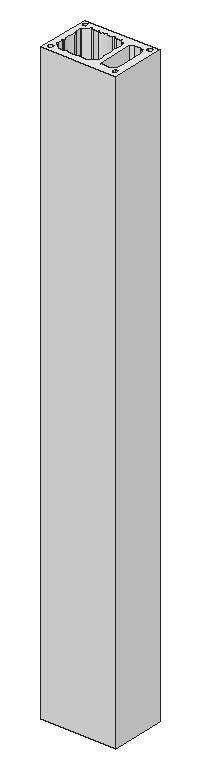
Revit family "Schiedl", category Modele ogólne, Revit 2023
Family settings
  Może być obiektem nadrzędnym dla zbrojenia = Nie
  Wymiar okrągłego złącza = Użyj średnicy
  Typ części = Normalny
  Zawsze pionowo = Tak
  Tnij formami wycięć po wczytaniu = Nie
  Zachowaj orientację opisów = Nie
  Współdzielony = Nie
  Punkt obliczania pomieszczeń = Nie
Parameters
  Domyślna rzędna = 0 mm
Reference planes
  plane 1 "Środek (Przód/Tył)": y = 0
  plane 2: z = 0
  plane 3 "Środek (Lewa/Prawa)": x = 0
Forms (mm)
  Extrusion 1, solid, material "Pustak Alfa"
    sketch origin (0, 0, 0) x (1, 0, 0) y (0, 1, 0)
      loop
        line (-250, -180) -> (250, -180) -> (250, 180) -> (-250, 180) -> (-250, -180)
    from 0 to 4000
  Extrusion 2, void
    sketch origin (0, 0, 0) x (1, 0, 0) y (0, 1, 0)
      loop
        arc (-163.532, 140) -> (-167.359, 139.239) -> (-170.603, 137.071) r 10
        line (-170.603, 137.071) -> (-207.071, 100.603)
        arc (-207.071, 100.603) -> (-209.239, 97.359) -> (-210, 93.532) r 10
        line (-210, 93.532) -> (-210, 59.289)
        arc (-210, 59.289) -> (-209.239, 55.462) -> (-207.071, 52.218) r 10
        line (-207.071, 52.218) -> (-203.64, 48.788)
        arc (-203.64, 48.788) -> (-202.574, 46.872) -> (-202.678, 44.683) r 4
        arc (-202.678, 44.683) -> (-210, 0) -> (-202.678, -44.683) r 140
        arc (-202.678, -44.683) -> (-202.574, -46.872) -> (-203.64, -48.788) r 4
        line (-203.64, -48.788) -> (-207.071, -52.218)
        arc (-207.071, -52.218) -> (-209.239, -55.462) -> (-210, -59.289) r 10
        line (-210, -59.289) -> (-210, -93.532)
        arc (-210, -93.532) -> (-209.239, -97.359) -> (-207.071, -100.603) r 10
        line (-207.071, -100.603) -> (-170.603, -137.071)
        arc (-170.603, -137.071) -> (-167.359, -139.239) -> (-163.532, -140) r 10
        line (-163.532, -140) -> (-129.289, -140)
        arc (-129.289, -140) -> (-125.462, -139.239) -> (-122.218, -137.071) r 10
        line (-122.218, -137.071) -> (-118.788, -133.64)
        arc (-118.788, -133.64) -> (-116.872, -132.574) -> (-114.683, -132.678) r 4
        arc (-114.683, -132.678) -> (-70, -140) -> (-25.317, -132.678) r 140
        arc (-25.317, -132.678) -> (-23.128, -132.574) -> (-21.212, -133.64) r 4
        line (-21.212, -133.64) -> (-17.782, -137.071)
        arc (-17.782, -137.071) -> (-14.538, -139.239) -> (-10.711, -140) r 10
        line (-10.711, -140) -> (23.532, -140)
        arc (23.532, -140) -> (27.359, -139.239) -> (30.603, -137.071) r 10
        line (30.603, -137.071) -> (67.071, -100.603)
        arc (67.071, -100.603) -> (69.239, -97.359) -> (70, -93.532) r 10
        line (70, -93.532) -> (70, -59.289)
        arc (70, -59.289) -> (69.239, -55.462) -> (67.071, -52.218) r 10
        line (67.071, -52.218) -> (63.64, -48.788)
        arc (63.64, -48.788) -> (62.574, -46.872) -> (62.678, -44.683) r 4
        arc (62.678, -44.683) -> (70, 0) -> (62.678, 44.683) r 140
        arc (62.678, 44.683) -> (62.574, 46.872) -> (63.64, 48.788) r 4
        line (63.64, 48.788) -> (67.071, 52.218)
        arc (67.071, 52.218) -> (69.239, 55.462) -> (70, 59.289) r 10
        line (70, 59.289) -> (70, 93.532)
        arc (70, 93.532) -> (69.239, 97.359) -> (67.071, 100.603) r 10
        line (67.071, 100.603) -> (30.603, 137.071)
        arc (30.603, 137.071) -> (27.359, 139.239) -> (23.532, 140) r 10
        line (23.532, 140) -> (-10.711, 140)
        arc (-10.711, 140) -> (-14.538, 139.239) -> (-17.782, 137.071) r 10
        line (-17.782, 137.071) -> (-21.212, 133.64)
        arc (-21.212, 133.64) -> (-23.128, 132.574) -> (-25.317, 132.678) r 4
        arc (-25.317, 132.678) -> (-70, 140) -> (-114.683, 132.678) r 140
        arc (-114.683, 132.678) -> (-116.872, 132.574) -> (-118.788, 133.64) r 4
        line (-118.788, 133.64) -> (-122.218, 137.071)
        arc (-122.218, 137.071) -> (-125.462, 139.239) -> (-129.289, 140) r 10
        line (-129.289, 140) -> (-163.532, 140)
      loop
        arc (120, 130) -> (105.858, 124.142) -> (100, 110) r 20
        line (100, 110) -> (100, -110)
        arc (100, -110) -> (105.858, -124.142) -> (120, -130) r 20
        line (120, -130) -> (160, -130)
        arc (160, -130) -> (188.284, -118.284) -> (200, -90) r 40
        line (200, -90) -> (200, 90)
        arc (200, 90) -> (188.284, 118.284) -> (160, 130) r 40
        line (160, 130) -> (120, 130)
      loop
        circle (215, 145) r 15
      loop
        circle (-215, 145) r 15
      loop
        circle (-215, -145) r 15
      loop
        circle (215, -145) r 15
    from 0 to 4000
Cuts and joins
  Extrusion 2 cuts Extrusion 1
Dimensions and locks
  Extrusion 2 to plane 1 "Środek (Przód/Tył)" = 140 mm
  aligned and locked: level to plane 2
  aligned and locked: level to Extrusion 1
  aligned and locked: Extrusion 1 to level
  aligned and locked: level to Extrusion 2
  aligned and locked: Extrusion 2 to level
